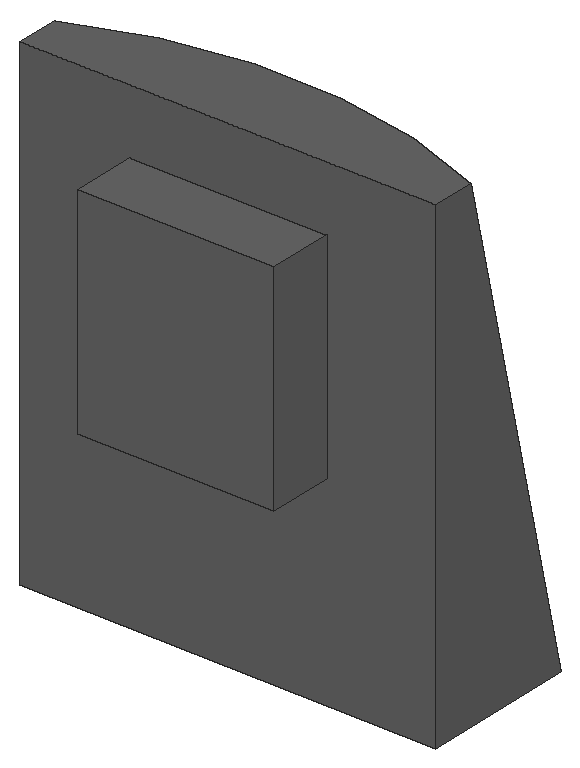
Revit family "SG", category Lighting Fixtures, host Wall, Revit 2013
Parameters (values of type "SG-BL")
  Wattage Comments = "20, 30, 50,& 80W"  # constant formula
  Voltage = 120 V
  URL = "http://www.hubbelloutdoor.com/"
  Photometric Web = Web SG : SG2-50-3K-PCU
  Glass = Hubbell-White Glass
  Product Page URL = "http://www.hubbelloutdoor.com/products/sg_sling"
  Product Option = Sling Series : SG2
  Product Documentation Link = "http://cdn.hubbelloutdoor.com/content/products/specs/specs_files/SG_series.pdf"
  Power Factor = 1
  Model = "SG Sling"  # constant formula
  Manufacturer Phone = "864-678-1000"  # constant formula
  Manufacturer Fax = "866-898-1065"  # constant formula
  Manufacturer = "Hubbell Outdoor Lighting"  # constant formula
  Load Classification = Lighting
  Lamp = "LED"  # constant formula
  Description = "Perimeter wall or flood illumination"  # constant formula
  Box Finish = Hubbell-Textured Black
  Assembly Code = "D5020200"
  Apparent Load = 20 VA
Types (5): name | Photometric Web | Product Option | Box Finish
  SG-BL | Web SG : SG2-50-3K-PCU | Sling Series : SG2 | Hubbell-Textured Black
  SG-DB | Web SG : SG1-20-PCU | Sling Series : SG2 | Hubbell-Textured Dark Bronze
  SG-WH | Web SG : SG1-20-PCU | Sling Series : SG1 | Hubbell-Textured White
  SG-GYS | Web SG : SG1-20-PCU | Sling Series : SG2 | Hubbell-Smooth Gray
  SG-PS | Web SG : SG1-20-PCU | Sling Series : SG1 | Hubbell-Platinum
Reference planes (in)
  plane 1 "Wall": y = 0
  plane 2 "Center (Left/Right)": x = 4.92126
  plane 3 "Back": y = 2.95276
  plane 4: y = 3.45276
  plane 5: y = 0.95276
  plane 6: z = 66.74729
Text (in)
  text "Placement Side" at (-36.97918, 19.73443, 0), in view "Ref. Level"
  text "Placement side" at (0, 27.32912, 79.68064), in view "Left"
  text "Placement side" at (0, 10.24977, 82.91007), in view "Right"
Dimensions and locks (in)
  locked: plane 3 "Back" to host wall
  locked: plane 3 "Back" to plane 4 at 0.5
  locked: plane 4 to plane 5 at 2.5
  aligned and locked: plane 1 "Wall" to host wall
  aligned and locked: nested 1 to plane 6
  aligned and locked: nested 1 to plane 2 "Center (Left/Right)"
  aligned and locked: plane 2 "Center (Left/Right)" to nested 2
Nested families (in)
  nested 1: "Sling Series" at (4.92126, 2.95276, 66.74729) x (-1, 0, 0) z (0, 1, 0), type <- "Product Option", type "SG2"
  nested 2: "Web SG" at (4.96125, 6.76104, 59.65729) x (0, -1, 0) z (0, 0, -1), type <- "Photometric Web", type "SG2-50-3K-PCU"
Connectors (in)
  electrical at (4.92126, 2.95276, 66.74729), driven by "Load Classification", driven by "Voltage", driven by "Apparent Load", driven by "Power Factor"
    settings: on nested 1, index 1, voltage 120 V, apparent load 20 VA, apparent load phase1 0 VA, apparent load phase2 0 VA, apparent load phase3 0 VA, power factor 1, load classification "Lighting", number of poles 1, system type 30, power factor state 1, is connector primary yes, connector utility no, sub classification motor no, connector description "Lighting Connector"
Definition of nested family "Sling Series"
  Parameters (values of type "SG1")
    zz Height 2 = 3.00"
    zz Height 1 = 7.80"
    zz Weigth 1 = 6.61"
    zz Depth 2 = 0.50"
    zz Depth 1 = 4.19"
    Reflector Assy = none
    Glass = none
    Default Elevation = 48.00"
    Array = 11
  Types (2): name | zz Height 2 | zz Height 1 | zz Weigth 1 | zz Depth 2 | zz Depth 1 | Array
    SG1 | 3.00" | 7.80" | 6.61" | 0.50" | 4.19" | 11
    SG2 | 4.00" | 11.14" | 9.52" | 0.75" | 5.80" | 14
  Reference planes (in)
    plane 1 "Center (Front/Back)": y = 0
    plane 2: z = 0
    plane 3 "Center (Left/Right)": x = 0
    plane 4: y = -4.8
    plane 5: y = 3
    plane 6: z = 1.5
    plane 7: x = -3.305
    plane 8: x = 3.305
    plane 9: x = -2.25
    plane 10: x = 2.25
    plane 11: y = 2.5
    plane 12: y = -2.5
    plane 13: z = 4.19
    plane 14: z = 3
    plane 15: z = 2.5
    plane 16: z = 3.69
    plane 17: y = -4.55
    plane 18: y = -4.75
    plane 19: x = -2.805
    plane 20: x = 2.805
    plane 21: x = -2.555
    plane 22: x = 2.555
    plane 23: y = -4.05
    plane 24: y = -4.09166
    plane 25: y = -4.05417
    plane 26: y = -4.05833
    plane 27: y = -4.0625
    plane 28: y = -4.06667
    plane 29: y = -4.07083
    plane 30: y = -4.075
    plane 31: y = -4.07917
    plane 32: y = -4.08333
    plane 33: y = -4.0875
    plane 34: y = -4.05
  Forms (in)
    Extrusion 1, solid
      sketch origin (0, 0, 0) x (1, 0, 0) y (0, 1, 0)
        loop
          line (-48, 48) -> (-48, -48) -> (48, -48) -> (48, 48) -> (-48, 48)
      from 0 to -12
    Extrusion 2, solid, material <- "Reflector Assy"
      sketch origin (0, 0, 0) x (1, 0, 0) y (0, 1, 0)
        loop
          line (-2.25, 2.5) -> (-2.25, -2.5) -> (2.25, -2.5) -> (2.25, 2.5) -> (-2.25, 2.5)
      from 0 to 1.5
    SweptBlend 3, solid, material <- "Reflector Assy"
      path origin (0, 0, 0) x (1, 0, 0) y (0, 1, 0)
        loop
          line (0, 3) -> (0, -4.8)
      profile origin (0, 3, 0) x (1, 0, 0) y (0, 0, 1)
        loop
          line (3.305, 1.5) -> (3.305, 2.5)
          arc (3.305, 2.5) -> (0, 3) -> (-3.305, 2.5) r 11.17302
          line (-3.305, 2.5) -> (-3.305, 1.5) -> (3.305, 1.5)
      end profile origin (0, -4.8, 0) x (1, 0, 0) y (0, 0, 1)
        loop
          line (3.305, 1.5) -> (3.305, 3.69)
          arc (3.305, 3.69) -> (0, 4.12687) -> (-3.305, 3.69) r 12.71989
          line (-3.305, 3.69) -> (-3.305, 1.5) -> (3.305, 1.5)
    Extrusion 4, void
      sketch origin (0, 0, 0) x (1, 0, 0) y (0, 0, 1)
        loop
          arc (3.055, 3.51127) -> (0, 3.89085) -> (-3.055, 3.51127) r 12.48387
          line (-3.055, 3.51127) -> (-3.055, 1.75) -> (3.055, 1.75) -> (3.055, 3.51127)
      from 4.55 to 4.8
    Extrusion 5, solid, material <- "Glass"
      sketch origin (0, 0, 0) x (1, 0, 0) y (0, 0, 1)
        loop
          arc (3.055, 3.51127) -> (0, 3.89085) -> (-3.055, 3.51127) r 12.48387
          line (-3.055, 3.51127) -> (-3.055, 1.75) -> (3.055, 1.75) -> (3.055, 3.51127)
      from 4.55 to 4.75
    Extrusion 6, void
      sketch origin (-4.02127, 0, 62.36429) x (0, 0, -1) y (0, -1, 0)
        loop
          line (56.61429, -2.5) -> (59.86429, -2.5) -> (58.67429, 4.05) -> (56.61429, 4.05) -> (56.61429, -2.5)
      from -1.21627 to -1.46627
    Extrusion 7, void
      sketch origin (2.79373, -0.04166, 62.36429) x (0, 0, -1) y (0, -1, 0)
        loop
          line (56.61429, -2.5) -> (59.86429, -2.5) -> (58.67429, 4.05) -> (56.61429, 4.05) -> (56.61429, -2.5)
      from -1.21627 to -1.46627
    Extrusion 8, void
      sketch origin (-3.33977, -0.00417, 62.36429) x (0, 0, -1) y (0, -1, 0)
        loop
          line (56.61429, -2.5) -> (59.86429, -2.5) -> (58.67429, 4.05) -> (56.61429, 4.05) -> (56.61429, -2.5)
      from -1.21627 to -1.46627
    Extrusion 9, void
      sketch origin (-2.65827, -0.00833, 62.36429) x (0, 0, -1) y (0, -1, 0)
        loop
          line (56.61429, -2.5) -> (59.86429, -2.5) -> (58.67429, 4.05) -> (56.61429, 4.05) -> (56.61429, -2.5)
      from -1.21627 to -1.46627
    Extrusion 10, void
      sketch origin (-1.97677, -0.0125, 62.36429) x (0, 0, -1) y (0, -1, 0)
        loop
          line (56.61429, -2.5) -> (59.86429, -2.5) -> (58.67429, 4.05) -> (56.61429, 4.05) -> (56.61429, -2.5)
      from -1.21627 to -1.46627
    Extrusion 11, void
      sketch origin (-1.29527, -0.01667, 62.36429) x (0, 0, -1) y (0, -1, 0)
        loop
          line (56.61429, -2.5) -> (59.86429, -2.5) -> (58.67429, 4.05) -> (56.61429, 4.05) -> (56.61429, -2.5)
      from -1.21627 to -1.46627
    Extrusion 12, void
      sketch origin (-0.61377, -0.02083, 62.36429) x (0, 0, -1) y (0, -1, 0)
        loop
          line (56.61429, -2.5) -> (59.86429, -2.5) -> (58.67429, 4.05) -> (56.61429, 4.05) -> (56.61429, -2.5)
      from -1.21627 to -1.46627
    Extrusion 13, void
      sketch origin (0.06773, -0.025, 62.36429) x (0, 0, -1) y (0, -1, 0)
        loop
          line (56.61429, -2.5) -> (59.86429, -2.5) -> (58.67429, 4.05) -> (56.61429, 4.05) -> (56.61429, -2.5)
      from -1.21627 to -1.46627
    Extrusion 14, void
      sketch origin (0.74923, -0.02917, 62.36429) x (0, 0, -1) y (0, -1, 0)
        loop
          line (56.61429, -2.5) -> (59.86429, -2.5) -> (58.67429, 4.05) -> (56.61429, 4.05) -> (56.61429, -2.5)
      from -1.21627 to -1.46627
    Extrusion 15, void
      sketch origin (1.43073, -0.03333, 62.36429) x (0, 0, -1) y (0, -1, 0)
        loop
          line (56.61429, -2.5) -> (59.86429, -2.5) -> (58.67429, 4.05) -> (56.61429, 4.05) -> (56.61429, -2.5)
      from -1.21627 to -1.46627
    Extrusion 16, void
      sketch origin (2.11223, -0.0375, 62.36429) x (0, 0, -1) y (0, -1, 0)
        loop
          line (56.61429, -2.5) -> (59.86429, -2.5) -> (58.67429, 4.05) -> (56.61429, 4.05) -> (56.61429, -2.5)
      from -1.21627 to -1.46627
  Cuts and joins
    Extrusion 4, Extrusion 6, Extrusion 7, Extrusion 8, Extrusion 9, Extrusion 10, Extrusion 11, Extrusion 12, Extrusion 13, Extrusion 14, Extrusion 15, Extrusion 16 cuts SweptBlend 3
  Dimensions and locks (in)
    equal spacing: plane 7, plane 3 "Center (Left/Right)", plane 8
    "zz Height 2": plane 1 "Center (Front/Back)" to plane 5
    "zz Height 1": plane 4 to plane 5
    "zz Weigth 1": plane 7 to plane 8
    equal spacing: plane 9, plane 3 "Center (Left/Right)", plane 10, locked at 2.25 each
    locked: plane 1 "Center (Front/Back)" to plane 11 at 2.5
    locked: plane 12 to plane 1 "Center (Front/Back)" at 2.5
    locked: plane 6 to plane 2 at 1.5
    "zz Depth 1": plane 2 to plane 13
    "zz Depth 2": plane 16 to plane 13
    locked: plane 15 to plane 14 at 0.5
    locked: SweptBlend 3 sketch curve to plane 15 at 10.67302
    locked: plane 17 to plane 4 at 0.25
    locked: plane 17 to plane 18 at 0.2
    locked: plane 19 to plane 21 at 0.25
    locked: plane 22 to plane 20 at 0.25
    locked: plane 7 to plane 19 at 0.5
    plane 23 to plane 4 = 0.75"
    locked: plane 20 to plane 8 at 0.5
    equal spacing: group 1, group 3, group 4, group 5, group 6, group 7, group 8, group 9, group 10, group 11, group 2  (x2)
    equal spacing: group 2, group 11, group 10, group 9, group 8, group 7, group 6, group 5, group 4, group 3, group 1
    aligned and locked: plane 2 to Extrusion 1
    aligned and locked: level to Extrusion 1
    aligned and locked: plane 11 to Extrusion 2 sketch curve
    aligned and locked: plane 9 to Extrusion 2 sketch curve
    aligned and locked: plane 12 to Extrusion 2 sketch curve
    aligned and locked: plane 10 to Extrusion 2 sketch curve
    aligned and locked: Extrusion 2 to plane 6
    aligned and locked: plane 5 to SweptBlend 3 sketch curve
    aligned and locked: SweptBlend 3 sketch curve to plane 3 "Center (Left/Right)"
    aligned and locked: plane 4 to SweptBlend 3 sketch curve
    aligned and locked: SweptBlend 3 sketch curve to plane 7  (x2)
    aligned and locked: plane 6 to SweptBlend 3 sketch curve  (x2)
    aligned and locked: plane 8 to SweptBlend 3 sketch curve  (x2)
    aligned and locked: plane 15 to SweptBlend 3 sketch curve  (x2)
    aligned and locked: plane 3 "Center (Left/Right)" to SweptBlend 3 sketch curve
    aligned and locked: plane 16 to SweptBlend 3 sketch curve
    aligned and locked: plane 17 to Extrusion 4
    aligned and locked: Extrusion 4 to plane 4
    aligned and locked: Extrusion 5 sketch curve to cut or joined group of SweptBlend 3, Extrusion 4, Extrusion 6, Extrusion 7, Extrusion 8, Extrusion 9, Extrusion 10, Extrusion 11, Extrusion 12, Extrusion 13, Extrusion 14, Extrusion 15, Extrusion 16  (x4)
    aligned and locked: plane 17 to Extrusion 5
    aligned and locked: Extrusion 5 to plane 18
    aligned and locked: plane 21 to Extrusion 6
    aligned and locked: Extrusion 6 to plane 11
    aligned and locked: Extrusion 6 to plane 19
    aligned and locked: Extrusion 6 sketch curve to plane 23
    aligned and locked: Extrusion 7 sketch curve to plane 24
    aligned and locked: Extrusion 8 sketch curve to plane 25
    aligned and locked: Extrusion 9 sketch curve to plane 26
    aligned and locked: Extrusion 10 sketch curve to plane 27
    aligned and locked: Extrusion 11 sketch curve to plane 28
    aligned and locked: Extrusion 12 sketch curve to plane 29
    aligned and locked: Extrusion 13 sketch curve to plane 30
    aligned and locked: Extrusion 14 sketch curve to plane 31
    aligned and locked: Extrusion 15 sketch curve to plane 32
    aligned and locked: Extrusion 16 sketch curve to plane 33
  Automatic sketch dimensions
    Extrusion 1 sketch curve to Extrusion 1 sketch curve = 96.00"  (x2)
    SweptBlend 3 sketch curve to level = 8.59302"
    plane 7 to Extrusion 4 sketch curve = 0.25"
    Extrusion 4 sketch curve to plane 6 = 0.25"
    Extrusion 4 sketch curve to plane 3 "Center (Left/Right)" = 0.00"
    plane 8 to Extrusion 4 sketch curve = 0.25"
    plane 16 to Extrusion 4 sketch curve = 0.17873"
    Extrusion 4 sketch curve to level = 8.59302"
    Extrusion 6 sketch curve to plane 23 = 6.55"
    Extrusion 6 sketch curve to Extrusion 6 sketch curve = 2.06"
    Extrusion 6 sketch curve to Extrusion 6 sketch curve = 3.25"
    Extrusion 7 sketch curve to plane 24 = 6.55"
    Extrusion 7 sketch curve to Extrusion 7 sketch curve = 2.06"
    Extrusion 7 sketch curve to Extrusion 7 sketch curve = 3.25"
    Extrusion 8 sketch curve to plane 25 = 6.55"
    Extrusion 8 sketch curve to Extrusion 8 sketch curve = 2.06"
    Extrusion 8 sketch curve to Extrusion 8 sketch curve = 3.25"
    Extrusion 9 sketch curve to plane 26 = 6.55"
    Extrusion 9 sketch curve to Extrusion 9 sketch curve = 2.06"
    Extrusion 9 sketch curve to Extrusion 9 sketch curve = 3.25"
    Extrusion 10 sketch curve to plane 27 = 6.55"
    Extrusion 10 sketch curve to Extrusion 10 sketch curve = 2.06"
    Extrusion 10 sketch curve to Extrusion 10 sketch curve = 3.25"
    Extrusion 11 sketch curve to plane 28 = 6.55"
    Extrusion 11 sketch curve to Extrusion 11 sketch curve = 2.06"
    Extrusion 11 sketch curve to Extrusion 11 sketch curve = 3.25"
    Extrusion 12 sketch curve to plane 29 = 6.55"
    Extrusion 12 sketch curve to Extrusion 12 sketch curve = 2.06"
    Extrusion 12 sketch curve to Extrusion 12 sketch curve = 3.25"
    Extrusion 13 sketch curve to plane 30 = 6.55"
    Extrusion 13 sketch curve to Extrusion 13 sketch curve = 2.06"
    Extrusion 13 sketch curve to Extrusion 13 sketch curve = 3.25"
    Extrusion 14 sketch curve to plane 31 = 6.55"
    Extrusion 14 sketch curve to Extrusion 14 sketch curve = 2.06"
    Extrusion 14 sketch curve to Extrusion 14 sketch curve = 3.25"
    Extrusion 15 sketch curve to plane 32 = 6.55"
    Extrusion 15 sketch curve to Extrusion 15 sketch curve = 2.06"
    Extrusion 15 sketch curve to Extrusion 15 sketch curve = 3.25"
    Extrusion 16 sketch curve to plane 33 = 6.55"
    Extrusion 16 sketch curve to Extrusion 16 sketch curve = 2.06"
    Extrusion 16 sketch curve to Extrusion 16 sketch curve = 3.25"
Definition of nested family "Web SG"
  Parameters (values of type "SG1-30-3K-PCU")
    Wattage Comments = ""
    Wattage = 29 W
    built-in parameter 1150110 = 1 (stored number, unit not read)
    URL = ""
    built-in parameter 1114217 = 1 (stored number, unit not read)
    Tilt Angle = 90.00°  # constant formula
    built-in parameter 1150109 = 1 (stored number, unit not read)
    built-in parameter 1150134 = (empty or 0)
    built-in parameter 1150113 = 1 (stored number, unit not read)
    Product Page URL = ""
    Product Documentation Link = ""
    Photometric Web Link = "http://www.hubbelloutdoor.com/products/sg_sling"
    Photometric Web File = "SG1-30-3K-PCU.IES"
    Photometric Notes = "More IES files download Photometric Web Link"  # constant formula
    Model = ""
    Manufacturer Phone = ""
    Manufacturer Fax = ""
    Manufacturer = ""
    built-in parameter 1150105 = 242.31 (stored number, unit not read)
    Lumens = 3045 lm
    built-in parameter 1150115 = 1 (stored number, unit not read)
    built-in parameter 1150137 = (empty or 0)
    built-in parameter 1150139 = (empty or 0)
    built-in parameter 1150112 = 1 (stored number, unit not read)
    built-in parameter 1150114 = 1 (stored number, unit not read)
    Lamp = ""
    built-in parameter 1150132 = (empty or 0)
    built-in parameter 1150102 = (empty or 0)
    built-in parameter 1150107 = 3000 (stored number, unit not read)
    built-in parameter 1150138 = (empty or 0)
    built-in parameter 1150106 = 2.4231 (stored number, unit not read)
    Emit from Rectangle Width = 6.00"  # constant formula
    Emit from Rectangle Length = 2.20"  # constant formula
    Emit Shape Visible in Rendering = no
    built-in parameter 1150104 = 9.7548 (stored number, unit not read)
    Dimming Lamp Color Temperature Shift = (empty or 0)
    Description = ""
    Default Elevation = 48.00"
    Color Filter = 16777215
    built-in parameter 1114218 = 1 (stored number, unit not read)
    built-in parameter 1150133 = 10 (stored number, unit not read)
  Types (6): name | Wattage | built-in parameter 1150134 | Photometric Web File | built-in parameter 1150105 | Lumens | built-in parameter 1150107 | built-in parameter 1150106 | built-in parameter 1150104
    SG1-20-PCU | 21 W | 2 | "SG1-20-PCU.IES" | 1243.7 (stored number, unit not read) | 2268 lm | 5000 (stored number, unit not read) | 12.437 (stored number, unit not read) | 10.034 (stored number, unit not read)
    SG2-80-PCU | 80 W | 2 | "SG2-80-PCU.IES" | 5708.4 (stored number, unit not read) | 8080 lm | 5000 (stored number, unit not read) | 57.084 (stored number, unit not read) | 9.3832 (stored number, unit not read)
    SG2-80-3K-PCU | 80 W | (empty or 0) | "SG2-80-3K-PCU.IES" | 5708.4 (stored number, unit not read) | 8080 lm | 3000 (stored number, unit not read) | 57.084 (stored number, unit not read) | 9.3832 (stored number, unit not read)
    SG1-30-3K-PCU | 29 W | (empty or 0) | "SG1-30-3K-PCU.IES" | 242.31 (stored number, unit not read) | 3045 lm | 3000 (stored number, unit not read) | 2.4231 (stored number, unit not read) | 9.7548 (stored number, unit not read)
    SG2-50-3K-PCU | 51 W | (empty or 0) | "SG2-50-3K-PCU.IES" | 442.37 (stored number, unit not read) | 5559 lm | 3000 (stored number, unit not read) | 4.4237 (stored number, unit not read) | 10.126 (stored number, unit not read)
    SG1-20-4K-PCU | 21 W | 2 | "SG1-20-4K-PCU.IES" | 183.82 (stored number, unit not read) | 2310 lm | 5000 (stored number, unit not read) | 1.8382 (stored number, unit not read) | 10.219 (stored number, unit not read)
  Reference planes (in)
    plane 1 "Center (Front/Back)": y = 0.03999
    plane 2: z = 0
    plane 3 "Center (Left/Right)": x = -0.23896
  Forms (in)
    Extrusion 1, solid
      sketch origin (0, 0, 0.06357) x (1, 0, 0) y (0, 1, 0)
        loop
          line (-48, 48) -> (-48, -48) -> (48, -48) -> (48, 48) -> (-48, 48)
      from -0.06357 to -17.74365
  Lines and regions (in)
    reference lines
      curve 1: line (-0.23896, 0.03999, 18.11448) -> (-0.23896, 0.03999, -22.88552)
      curve 2: line (-0.23896, 0.03999, 34) -> (-0.23896, 0.03999, -22.88552)
  Dimensions and locks (in)
    aligned and locked: plane 2 to Extrusion 1
    aligned and locked: level to Extrusion 1
    aligned and locked: curve 1 to plane 3 "Center (Left/Right)"
    aligned and locked: plane 1 "Center (Front/Back)" to curve 2
